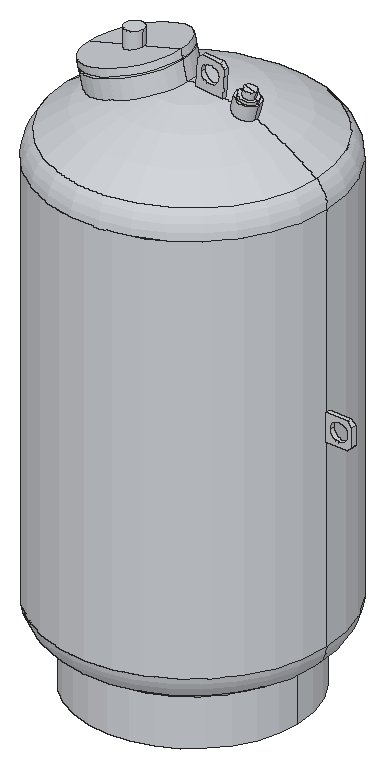
Revit family
Parameters (values of type "600L 125# W.P.")
  Weight = "439"
  Tank Volume = "158 Gallons"
  Tank Only = 58.000"
  Tank Height = 59.813"
  Tank Diameter = "30"
  Pipe Connector Diameter = Pipe Connection Radius * 2  # 1.500"
  Pipe Connection Radius = 0.750"
  Model = "600L"
  Max Operating Temp = "240 Deg F"
  Max Operating Pressure = "125 PSI"
  Manufacturer = "Amtrol"
  Lifting Ring Location = (Tank Only / 2) + 1.813"  # 30.813"
  Floor to Bottom of Tank = 1.813"
  Bladder/Diaphragm = "Bladder"
  ASME = yes
Types (10): name | Weight | Tank Volume | Tank Only | Tank Height | Model | Max Operating Pressure | Lifting Ring Location
  (no name) | "439" | "158 Gallons" | 58.000" | 59.813" | "600L" | "125 PSI" | 30.813"
  600L 125# W.P. | "439" | "158 Gallons" | 58.000" | 59.813" | "600L" | "125 PSI" | 30.813"
  600L 150# W.P. 10 BAR | "510" | "158 Gallons" | 58.000" | 59.813" | "600L" | "150 PSI" | 30.813"
  600L 175# W.P. | "595" | "158 Gallons" | 58.000" | 59.813" | "600L" | "175 PSI" | 30.813"
  600L 250# W.P. | "770" | "158 Gallons" | 58.000" | 59.813" | "600L" | "250 PSI" | 30.813"
  800L 125# W.P. | "543" | "211 Gallons" | 75.750" | 77.563" | "800L" | "125 PSI" | 39.688"
  800L 150# W.P. 10 BAR | "565" | "211 Gallons" | 75.750" | 77.563" | "800L" | "150 PSI" | 39.688"
  800L 175# W.P. | "683" | "211 Gallons" | 75.750" | 77.563" | "800L" | "175 PSI" | 39.688"
  800L 250# W.P. | "905" | "211 Gallons" | 77.000" | 78.750" | "800L" | "250 PSI" | 40.313"
  800L 300# W.P. | "950" | "211 Gallons" | 77.000" | 78.750" | "800L" | "300 PSI" | 40.313"
Reference planes (in)
  plane 1 "Center (Front/Back)": y = 0
  plane 2: z = 0
  plane 3 "Center (Left/Right)": x = 0
  plane 4: through (-0.13317, -0.41008, 48) normal (0.4226, 0.9063, 0)
Forms (in)
  Revolve 1, solid
    sketch origin (1.127, 0, 26.0337) x (1, 0, 0) y (0, 0, 1)
      loop
        line (4.64715, 32.74792) -> (5.8746, 32.41902) -> (6.32015, 34.08183) -> (6.07867, 34.14654) -> (6.1514, 34.41796) -> (5.77662, 34.51839) -> (5.97073, 35.24283) -> (5.35955, 35.4066) -> (4.64715, 32.74792)
      axis (4.64715, 32.74792) -> (5.35955, 35.4066)
    angle from 0 to 360
  Revolve 2, solid
    sketch origin (-2.4713, 0, 0.72435) x (1, 0, 0) y (0, 0, 1)
      loop
        line (-10.28614, 5.27302) -> (-11.41092, 3.66667) -> (-11.11973, 3.46277) -> (-10.83294, 3.87235) -> (-10.67686, 3.76306) -> (-10.53404, 3.96703) -> (-10.39534, 3.86991) -> (-9.70017, 4.86272) -> (-10.28614, 5.27302)
      axis (-11.41092, 3.66667) -> (-10.28614, 5.27302)
    angle from 0 to 360
  Revolve 3, solid
    sketch origin (-1.07065, 0, 26.20275) x (1, 0, 0) y (0, 0, 1)
      loop
        line (-5.27301, 35.08822) -> (-4.46514, 32.07319) -> (0.60597, 33.43199) -> (0.05806, 35.47684) -> (-0.98484, 35.19739) -> (-1.04289, 35.41407) -> (0, 35.69351) -> (-0.2019, 36.44702) -> (-5.27301, 35.08822)
      axis (-4.46514, 32.07319) -> (-5.27301, 35.08822)
    angle from 0 to 360
  Sweep 4, solid
    path origin (-1.18335, 0, 26.2591) x (1, 0, 0) y (0, 0, 1)
      loop
        line (-5.27301, 33.80124) -> (-5.27301, 36.891)
    profile origin (-6.45636, 0, 61.60523) x (-1, 0, 0) y (0, -1, 0)
      loop
        circle (0, 0) r 1
  Revolve 5, solid
    sketch origin (0, 0, 0) x (1, 0, 0) y (0, 0, 1)
      loop
        line (-11.77247, 0) -> (-11.58497, 0) -> (-11.58497, 5.35041) -> (-11.77247, 5.35041) -> (-11.77247, 0)
      axis (0, 0) -> (0, 5.35041)
    angle from 0 to 360
  Revolve 6, solid
    sketch origin (0, 0, 0) x (1, 0, 0) y (0, 0, 1)
      loop
        line (0, 59.813) -> (0, 1.813)
        arc (0, 1.813) -> (7.07792, 2.94329) -> (13.45146, 6.2224) r 22.71881
        arc (13.45146, 6.2224) -> (14.47636, 7.33603) -> (14.9999, 8.75608) r 3.89841
        line (14.9999, 8.75608) -> (14.9999, 52.33985)
        arc (14.9999, 52.33985) -> (14.69409, 53.80528) -> (13.85238, 55.04324) r 3.84936
        arc (13.85238, 55.04324) -> (7.32528, 58.58717) -> (0, 59.813) r 22.5
      axis (0, 1.813) -> (0, 59.813)
    angle from 0 to 360
  Extrusion 7, solid
    sketch origin (0, 0, 0) x (1, 0, 0) y (0, 0, 1)
      loop
        line (14.75, 32.31257) -> (14.75, 29.31257) -> (17.5, 29.31257) -> (18, 29.81257) -> (18, 31.81257) -> (17.5, 32.31257) -> (14.75, 32.31257)
      loop
        circle (16.55768, 30.813) r 1
    from -0.23956 to 0.25
  Extrusion 8, solid
    sketch origin (0, 0, 0) x (1, 0, 0) y (0, 0, 1)
      loop
        line (0.55477, 59.69981) -> (3.54335, 59.43834) -> (3.81183, 62.50707) -> (3.3503, 62.9686) -> (1.35791, 63.14291) -> (0.80788, 62.59288) -> (0.55477, 59.69981)
      loop
        circle (2.21248, 61.43694) r 1
    from -0.23956 to 0.25
Dimensions and locks (in)
  locked: Revolve 1 sketch curve to Revolve 1 sketch curve at 1.72147
  locked: Revolve 1 sketch curve to Revolve 1 sketch curve at 2.00247
  locked: Revolve 1 sketch curve to Revolve 1 sketch curve at 2.75247
  Revolve 2 sketch curve to Revolve 2 sketch curve = 1.21199"
  Revolve 2 sketch curve to Revolve 2 sketch curve = 1.47077"
  Revolve 2 sketch curve to Revolve 2 sketch curve = 1.99374"
  locked: Revolve 3 sketch curve to Revolve 3 sketch curve at 2.11698
  locked: Revolve 3 sketch curve to Revolve 3 sketch curve at 3.12139
  locked: Revolve 6 sketch curve to Revolve 6 sketch curve at 18.68116
  "Tank Only": Revolve 6 sketch curve to Revolve 6 sketch curve
  locked: Revolve 6 sketch curve to Revolve 6 sketch curve at 14.9999
  "Floor to Bottom of Tank": Revolve 6 sketch curve to level
  locked: Revolve 3 sketch curve to Revolve 6 at 4.59151
  locked: Revolve 3 sketch curve to Revolve 6 at 3.23271
  locked: Revolve 1 sketch curve to Revolve 6 at 3.40949
  locked: Revolve 1 sketch curve to Revolve 6 at 3.73838
  locked: Extrusion 7 sketch curve to Extrusion 7 sketch curve at 3
  Extrusion 7 sketch curve to Extrusion 7 sketch curve = 3.250"
  "Lifting Ring Location": Extrusion 7 sketch curve to level
  locked: Sweep 4 sketch curve to Revolve 6 at 5.0171
  Extrusion 8 sketch curve to Revolve 6 = 4.65657"
  Extrusion 8 sketch curve to Revolve 6 = 4.3951"
  Extrusion 8 sketch curve to Extrusion 8 sketch curve = 3.500"
  Extrusion 8 sketch curve to Extrusion 8 sketch curve = 3.000"
  radius of Revolve 6 sketch curve = 22.500"
  radius of Revolve 6 sketch curve = 3.84936"
  radius of Extrusion 7 sketch curve = 1.000"
  angle Extrusion 8 sketch curve to plane 3 "Center (Left/Right)" = 5.00°
  aligned and locked: Revolve 1 sketch curve to Revolve 1 sketch curve
  aligned and locked: Revolve 2 sketch curve to Revolve 2 sketch curve
  aligned and locked: Revolve 3 sketch curve to Revolve 3 sketch curve
  aligned and locked: Revolve 5 sketch curve to level
  aligned and locked: level to Revolve 5 sketch curve
  aligned and locked: plane 3 "Center (Left/Right)" to Revolve 5 sketch curve
  aligned and locked: plane 4 to Revolve 3
  aligned and locked: plane 3 "Center (Left/Right)" to Revolve 6 sketch curve
  aligned and locked: import instance to plane 3 "Center (Left/Right)"
  aligned: plane 1 "Center (Front/Back)" to Extrusion 7
Automatic sketch dimensions
  Revolve 1 sketch curve to Revolve 1 sketch curve = 0.38839"
  Revolve 1 sketch curve to Revolve 1 sketch curve = 0.54353"
  Revolve 1 sketch curve to Revolve 1 sketch curve = 0.62319"
  Revolve 1 sketch curve to Revolve 1 sketch curve = 0.24148"
  level to Revolve 2 sketch curve = 3.81407"
  Revolve 2 sketch curve to Revolve 2 sketch curve = 0.40398"
  Revolve 2 sketch curve to Revolve 2 sketch curve = 0.29119"
  level to Revolve 2 sketch curve = 4.48741"
  Revolve 2 sketch curve to Revolve 2 sketch curve = 1.16843"
  Revolve 2 sketch curve to Revolve 2 sketch curve = 1.66869"
  Revolve 3 sketch curve to plane 3 "Center (Left/Right)" = 1.07065"
  Revolve 3 sketch curve to plane 3 "Center (Left/Right)" = 1.27255"
  Revolve 3 sketch curve to plane 3 "Center (Left/Right)" = 2.05549"
  Revolve 3 sketch curve to Revolve 3 sketch curve = 0.05806"
  Revolve 3 sketch curve to Revolve 3 sketch curve = 0.40688"
  Revolve 3 sketch curve to Revolve 3 sketch curve = 0.70858"
  Sweep 4 sketch curve to plane 3 "Center (Left/Right)" = 6.45636"
  Sweep 4 sketch curve to Sweep 4 sketch curve = 3.08976"
  plane 1 "Center (Front/Back)" to Sweep 4 sketch curve = 0.000"
  Sweep 4 sketch curve to profile plane = 0.000"
  plane 3 "Center (Left/Right)" to Revolve 1 sketch curve = 5.38576"
  Revolve 2 sketch curve to plane 3 "Center (Left/Right)" = 14.2862"
  Revolve 1 sketch curve to Revolve 1 sketch curve = 0.41707"
  level to Revolve 2 sketch curve = 4.5967"
  Revolve 3 sketch curve to plane 3 "Center (Left/Right)" = 1.01259"
  Revolve 6 sketch curve to plane 3 "Center (Left/Right)" = 0.000"
  plane 3 "Center (Left/Right)" to Revolve 6 sketch curve = 0.00119"
  Revolve 6 sketch curve to Revolve 6 sketch curve = 3.84994"
  Revolve 6 sketch curve to Revolve 6 sketch curve = 3.84916"
  Revolve 6 sketch curve to Revolve 6 sketch curve = 1.54845"
  level to Revolve 6 sketch curve = 6.2224"
  Revolve 6 sketch curve to Revolve 6 sketch curve = 2.53368"
  Revolve 6 sketch curve to Revolve 6 sketch curve = 15.5504"
  Revolve 5 sketch curve to plane 3 "Center (Left/Right)" = 0.000"
  level to Revolve 5 sketch curve = 5.35041"
  Revolve 5 sketch curve to Revolve 5 sketch curve = 7.98627"
  plane 3 "Center (Left/Right)" to Extrusion 7 sketch curve = 14.750"
  Extrusion 7 sketch curve to Extrusion 7 sketch curve = 0.94232"  (x2)
  Extrusion 7 sketch curve to Extrusion 7 sketch curve = 0.500"  (x3)
  Extrusion 7 sketch curve to Extrusion 7 sketch curve = 0.99957"
  Revolve 5 sketch curve to plane 3 "Center (Left/Right)" = 11.58497"
  Revolve 5 sketch curve to Revolve 5 sketch curve = 0.1875"
  Revolve 6 sketch curve to level = 2.6366"
  plane 3 "Center (Left/Right)" to Extrusion 8 sketch curve = 0.55477"
  Extrusion 8 sketch curve to Extrusion 8 sketch curve = 0.55003"  (x2)
  Extrusion 8 sketch curve to Extrusion 8 sketch curve = 1.4046"
  Extrusion 8 sketch curve to Extrusion 8 sketch curve = 0.46153"  (x2)
  Extrusion 8 sketch curve to Extrusion 8 sketch curve = 1.15594"
  radius of Sweep 4 sketch curve = 1.000"
  radius of Extrusion 8 sketch curve = 1.000"
Connectors (in)
  piping at (-6.45636, 0, 63.1501), driven by "Pipe Connection Radius"
    settings: on Sweep 4, index 1
